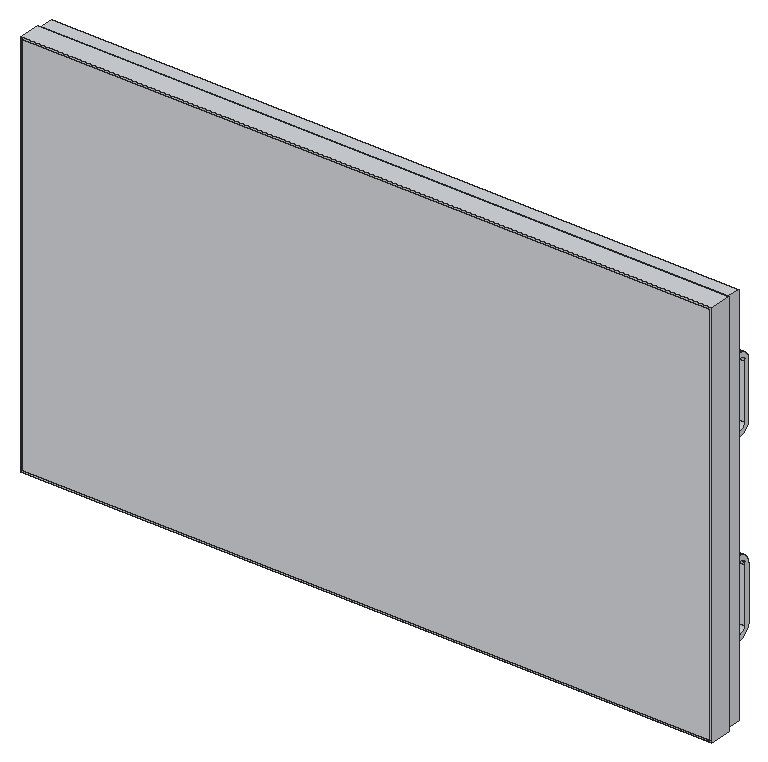
Revit family "UN552", category Generic Models, Revit 2014
Parameters
  URL = "www.necdisplay.com"
  POWER CONSUMPTION- Speaker Rating = "Integrated 10W x 10W, Optional 15W x 2"
  POWER CONSUMPTION- Power Consumption (Typical/Max Brightness/ Absolute Max) = "150W/225W/380W"
  POWER CONSUMPTION- Standby = "0.5W"
  POWER CONSUMPTION- Network Standby = "2W"
  POWER CONSUMPTION- Current Rating = "4.2A @ 100V, 1.7A @ 240V"
  PHYSICAL SPECS- Vesa Hole Configuration = "400 x 400 (4-hole, M6)"
  PHYSICAL SPECS- Net Weight (w/o Stand) = "61.9 lbs. / 28.1 kg"
  PHYSICAL SPECS- Net Dimensions (w/o Stand, WxHxD) = "47.8 x 26.9 x 4.1 in. / 1213.4 x 684.2 x 103.8mm"
  PHYSICAL SPECS- Bezel Width (L/R, T/B) = "2.3mm/1.2mm, 1.2mm/2.3mm"
  Model = "UN552V"  # constant formula
  Manufacturer = "NEC Display Solutions"  # constant formula
  LCD MODULE- Contrast Ratio (Typical) = "1100:1 (without local dimming)"
  LCD MODULE- Viewing Angle = "178 / 178"
  LCD MODULE- Viewable Image Size = "55\""
  LCD MODULE- Panel Technology = "S-IPS"
  LCD MODULE- Orientation = "Landscape / Portrait"
  LCD MODULE- Panel Haze (%) = "28"
  LCD MODULE- Native Resolution = "1920 x 1080"
  LCD MODULE- Displayable Colors = "Over 1.07 Billion"
  LCD MODULE- Brightness (Typical/Minimum) = "500 cd/sqm / 700 cd/sqm"
  LCD MODULE- Aspect Ratio = "16 : 9"
  ENVIRONMENTAL CONDITIONS- Operating Temperature = "0 - 50°C / 32 - 122°F"
  ENVIRONMENTAL CONDITIONS- Operating Humidity = "0 - 90%"
  ENVIRONMENTAL CONDITIONS- Operating Altitude = "9843 ft. / 3000m"
  Description = "NEC LCD Video Wall Display"  # constant formula
  CONNECTIVITY- Output Terminals- External Control = "LAN (100Mb)"
  CONNECTIVITY- Output Terminals- Digital = "DisplayPort (Outputs DisplayPort1 and OPTION (DP)), HDMI (Outputs HDMI1, DVI and OPTION (TMDS))"
  CONNECTIVITY- Output Terminals- Audio = "3.5mm Mini-Jack, External Speaker Jack x2"
  CONNECTIVITY- Input Terminals- External Control = "RS232C, LAN (100Mb), 3.5 Mini Jack (IR Remote)"
  CONNECTIVITY- Input Terminals- Digital = "HDMI x2 (1.4/2.0), DisplayPort x2 (1.1/1.2), DVI-D"
  CONNECTIVITY- Input Terminals- Data = "microSD (Media Player), USB 2.0 (Media Player), USB 2.0 (Service), USB Type-B (Upstream), USB 2.0 x2 (Compute Module, USB CM1 is Powered 5V/2A)"
  CONNECTIVITY- Input Terminals- Audio = "Audio Mini Jack x2, DisplayPort Audio, HDMI Audio"
  CONNECTIVITY- Input Terminals- Analog = "VGA 15-pin D-sub, RCA Composite"
Reference planes
  plane 1 "Center (Front/Back)": y = 0
  plane 2: z = 0
  plane 3 "Center (Left/Right)": x = 0
Forms (mm)
  Extrusion 1, solid
    sketch origin (0, 0, 0) x (1, 0, 0) y (0, 0, 1)
      loop
        line (-606.7, 684.2) -> (-606.7, 0) -> (606.7, 0) -> (606.7, 684.2) -> (-606.7, 684.2)
    from 44.35 to 82.8
  Extrusion 2, void
    sketch origin (0, 0, 0) x (1, 0, 0) y (0, 0, 1)
      loop
        line (-603.854, 2.15) -> (603.854, 2.15) -> (603.854, 681.025) -> (-603.854, 681.025) -> (-603.854, 2.15)
    from 82.211 to 113.336
  Blend 3, solid
    base sketch origin (4.79, 1.84, 738.456) x (0, 0, 1) y (1, 0, 0)
      loop
        arc (-86.019, 370.534) -> (-99.662, 403.471) -> (-132.599, 417.114) r 46.58
        line (-132.599, 417.114) -> (-646.931, 417.114)
        arc (-646.931, 417.114) -> (-664.892, 409.675) -> (-672.331, 391.714) r 25.4
        line (-672.331, 391.714) -> (-672.331, -385.683) -> (-665.469, -389.645)
        arc (-665.469, -389.645) -> (-663.355, -391.759) -> (-662.581, -394.647) r 5.776
        line (-662.581, -394.647) -> (-662.581, -437.345)
        arc (-662.581, -437.345) -> (-658.122, -457.458) -> (-645.581, -473.803) r 47.592
        line (-645.581, -473.803) -> (-621.213, -494.25)
        arc (-621.213, -494.25) -> (-608.369, -501.983) -> (-593.771, -505.394) r 48.185
        line (-593.771, -505.394) -> (-198.004, -505.394)
        arc (-198.004, -505.394) -> (-178.489, -501.953) -> (-161.328, -492.045) r 57.057
        line (-161.328, -492.045) -> (-104.475, -444.339)
        arc (-104.475, -444.339) -> (-90.86, -426.596) -> (-86.019, -404.761) r 51.666
        line (-86.019, -404.761) -> (-86.019, 370.534)
    top sketch origin (4.79, 1.84, 738.456) x (0, 0, 1) y (1, 0, 0)
      loop
        arc (-601.729, 382.3) -> (-610.709, 378.58) -> (-614.429, 369.6) r 12.7
        line (-614.429, 369.6) -> (-614.429, -407.787)
        arc (-614.429, -407.787) -> (-613.291, -411.497) -> (-610.269, -413.931) r 6.618
        line (-610.269, -413.931) -> (-587.937, -422.866)
        arc (-587.937, -422.866) -> (-579.575, -425.319) -> (-570.9, -426.147) r 45.867
        line (-570.9, -426.147) -> (-241.902, -426.147)
        arc (-241.902, -426.147) -> (-228.955, -423.994) -> (-217.403, -417.767) r 40
        line (-217.403, -417.767) -> (-177.037, -386.491)
        arc (-177.037, -386.491) -> (-165.96, -372.897) -> (-161.998, -355.815) r 38.806
        line (-161.998, -355.815) -> (-161.998, 375.421)
        arc (-161.998, 375.421) -> (-164.013, 380.285) -> (-168.878, 382.3) r 6.879
        line (-168.878, 382.3) -> (-601.729, 382.3)
    from -20.342 to 19.2
  Blend 4, solid
    base sketch origin (0, -30.85, 616.982) x (0, 0, 1) y (1, 0, 0)
      loop
        line (-506.303, 247.422) -> (-506.303, 481.178)
        arc (-506.303, 481.178) -> (-510.023, 490.159) -> (-519.003, 493.878) r 12.7
        line (-519.003, 493.878) -> (-566.56, 493.878)
        arc (-566.56, 493.878) -> (-575.54, 490.159) -> (-579.26, 481.178) r 12.7
        line (-579.26, 481.178) -> (-579.26, 247.422)
        arc (-579.26, 247.422) -> (-575.54, 238.441) -> (-566.56, 234.722) r 12.7
        line (-566.56, 234.722) -> (-519.003, 234.722)
        arc (-519.003, 234.722) -> (-510.023, 238.441) -> (-506.303, 247.422) r 12.7
    top sketch origin (0, -30.85, 616.982) x (0, 0, 1) y (1, 0, 0)
      loop
        arc (-515.696, 480.9) -> (-516.749, 483.439) -> (-519.291, 484.486) r 3.586
        line (-519.291, 484.486) -> (-566.291, 484.486)
        arc (-566.291, 484.486) -> (-568.82, 483.432) -> (-569.868, 480.9) r 3.586
        line (-569.868, 480.9) -> (-569.868, 247.7)
        arc (-569.868, 247.7) -> (-568.82, 245.167) -> (-566.289, 244.114) r 3.586
        line (-566.289, 244.114) -> (-519.289, 244.114)
        arc (-519.289, 244.114) -> (-516.749, 245.162) -> (-515.696, 247.7) r 3.586
        line (-515.696, 247.7) -> (-515.696, 480.9)
    from -21.65 to -17.538
  Extrusion 5, void
    sketch origin (0, -48.388, 616.982) x (0, 0, -1) y (1, 0, 0)
      loop
        line (581.882, 68.55) -> (567.482, 68.55)
        arc (567.482, 68.55) -> (564.653, 67.378) -> (563.482, 64.55) r 4
        line (563.482, 64.55) -> (563.482, -21.45)
        arc (563.482, -21.45) -> (564.653, -24.278) -> (567.482, -25.45) r 4
        line (567.482, -25.45) -> (581.882, -25.45)
        arc (581.882, -25.45) -> (584.71, -24.278) -> (585.882, -21.45) r 4
        line (585.882, -21.45) -> (585.882, 64.55)
        arc (585.882, 64.55) -> (584.71, 67.378) -> (581.882, 68.55) r 4
    from 8.405 to -9.36
  Extrusion 6, void
    sketch origin (4.79, 21.04, 738.456) x (0, 0, -1) y (1, 0, 0)
      loop
        line (324.906, 109.514) -> (268.907, 109.514) -> (268.907, 92.256)
        arc (268.907, 92.256) -> (270.277, 85.88) -> (274.145, 80.629) r 15.525
        line (274.145, 80.629) -> (310.489, 48.476) -> (268.907, 48.474) -> (268.907, 37.835) -> (324.906, 37.837) -> (324.906, 55.836)
        arc (324.906, 55.836) -> (323.427, 62.721) -> (319.251, 68.391) r 16.764
        line (319.251, 68.391) -> (284.797, 98.876) -> (324.906, 98.876) -> (324.906, 109.514)
      loop
        line (268.902, 28.54) -> (268.908, -37.653) -> (276.862, -37.653) -> (276.862, 5.244) -> (291.196, 5.244) -> (291.196, -33.734) -> (299.062, -33.734) -> (299.062, 5.244) -> (310.269, 5.244)
        arc (310.269, 5.244) -> (314.759, 3.384) -> (316.619, -1.106) r 6.35
        line (316.619, -1.106) -> (316.619, -38.213) -> (324.905, -38.213)
        arc (324.905, -38.213) -> (325.377, -16.539) -> (324.905, 5.134) r 498.189
        arc (324.905, 5.134) -> (324.337, 12.014) -> (323.235, 18.829) r 88.693
        arc (323.235, 18.829) -> (319.034, 25.803) -> (311.366, 28.54) r 12.108
        line (311.366, 28.54) -> (268.902, 28.54)
      loop
        line (268.271, -113.479) -> (276.372, -113.479)
        arc (276.372, -113.479) -> (274.174, -95.699) -> (276.372, -77.919) r 73.028
        arc (276.372, -77.919) -> (278.849, -73.068) -> (283.196, -69.786) r 12.149
        arc (283.196, -69.786) -> (297.392, -67.247) -> (311.127, -71.644) r 29.914
        arc (311.127, -71.644) -> (314.368, -74.801) -> (316.226, -78.926) r 12.13
        arc (316.226, -78.926) -> (318.331, -96.706) -> (316.226, -114.486) r 76.142
        line (316.226, -114.486) -> (325.261, -114.486)
        arc (325.261, -114.486) -> (327.107, -92.261) -> (325.261, -70.036) r 134.752
        arc (325.261, -70.036) -> (323.47, -62.762) -> (320.601, -55.841) r 49.502
        arc (320.601, -55.841) -> (298.943, -41.303) -> (275.241, -52.197) r 26.67
        arc (275.241, -52.197) -> (270.757, -60.2) -> (268.271, -69.029) r 38.898
        arc (268.271, -69.029) -> (266.531, -91.254) -> (268.271, -113.479) r 142.843
      loop
        line (477.484, 43.682) -> (477.484, -86.161)
        arc (477.484, -86.161) -> (480.999, -94.647) -> (489.484, -98.161) r 12
        line (489.484, -98.161) -> (544.327, -98.161)
        arc (544.327, -98.161) -> (552.813, -94.647) -> (556.327, -86.161) r 12
        line (556.327, -86.161) -> (556.327, 43.682)
        arc (556.327, 43.682) -> (552.813, 52.167) -> (544.327, 55.682) r 12
        line (544.327, 55.682) -> (489.484, 55.682)
        arc (489.484, 55.682) -> (480.999, 52.167) -> (477.484, 43.682) r 12
      loop
        arc (306.292, 181.946) -> (309.806, 173.461) -> (318.292, 169.946) r 12
        line (318.292, 169.946) -> (451.42, 169.946)
        arc (451.42, 169.946) -> (459.905, 173.461) -> (463.42, 181.946) r 12
        line (463.42, 181.946) -> (463.42, 318.574)
        arc (463.42, 318.574) -> (459.905, 327.06) -> (451.42, 330.574) r 12
        line (451.42, 330.574) -> (318.292, 330.574)
        arc (318.292, 330.574) -> (309.806, 327.06) -> (306.292, 318.574) r 12
        line (306.292, 318.574) -> (306.292, 181.946)
      loop
        arc (308.23, 181.884) -> (311.159, 174.813) -> (318.23, 171.884) r 10
        line (318.23, 171.884) -> (451.482, 171.884)
        arc (451.482, 171.884) -> (458.553, 174.813) -> (461.482, 181.884) r 10
        line (461.482, 181.884) -> (461.482, 318.636)
        arc (461.482, 318.636) -> (458.553, 325.707) -> (451.482, 328.636) r 10
        line (451.482, 328.636) -> (318.23, 328.636)
        arc (318.23, 328.636) -> (311.159, 325.707) -> (308.23, 318.636) r 10
        line (308.23, 318.636) -> (308.23, 181.884)
      loop
        arc (479.674, -85.972) -> (482.603, -93.043) -> (489.674, -95.972) r 10
        line (489.674, -95.972) -> (544.138, -95.972)
        arc (544.138, -95.972) -> (551.209, -93.043) -> (554.138, -85.972) r 10
        line (554.138, -85.972) -> (554.138, 43.492)
        arc (554.138, 43.492) -> (551.209, 50.563) -> (544.138, 53.492) r 10
        line (544.138, 53.492) -> (489.674, 53.492)
        arc (489.674, 53.492) -> (482.603, 50.563) -> (479.674, 43.492) r 10
        line (479.674, 43.492) -> (479.674, -85.972)
    from 0.816 to -6.572
  Extrusion 7, solid
    sketch origin (-481.512, 3.148, 9.146) x (0, 0, 1) y (1, 0, 0)
      loop
        spline (577.383, 1064.639) -> (577.254, 1065.064) -> (577.079, 1065.472) -> (576.86, 1065.858) -> (576.6, 1066.217) -> (576.301, 1066.546) -> (575.968, 1066.839) -> (575.605, 1067.093) -> (575.215, 1067.306) -> (574.804, 1067.474) -> (574.377, 1067.596) -> (573.94, 1067.67) -> (573.496, 1067.694)
        line (573.496, 1067.694) -> (411.495, 1067.694)
        spline (411.495, 1067.694) -> (410.973, 1067.66) -> (410.46, 1067.558) -> (409.964, 1067.39) -> (409.495, 1067.158) -> (409.06, 1066.868) -> (408.667, 1066.523) -> (408.322, 1066.129) -> (408.031, 1065.694) -> (407.8, 1065.225) -> (407.632, 1064.729) -> (407.53, 1064.216) -> (407.496, 1063.694)
        line (407.496, 1063.694) -> (407.609, 1048.749)
        spline (407.609, 1048.749) -> (407.722, 1048.368) -> (407.872, 1048) -> (408.058, 1047.649) -> (408.278, 1047.318) -> (408.529, 1047.01) -> (408.811, 1046.729) -> (409.118, 1046.477) -> (409.449, 1046.257) -> (409.8, 1046.071) -> (410.169, 1045.921) -> (410.55, 1045.807) -> (410.94, 1045.733)
        line (410.94, 1045.733) -> (572.941, 1045.733)
        spline (572.941, 1045.733) -> (573.51, 1045.694) -> (574.078, 1045.737) -> (574.634, 1045.859) -> (575.167, 1046.06) -> (575.666, 1046.334) -> (576.121, 1046.676) -> (576.523, 1047.08) -> (576.864, 1047.536) -> (577.136, 1048.036) -> (577.335, 1048.57) -> (577.455, 1049.127) -> (577.496, 1049.695)
        line (577.496, 1049.695) -> (577.383, 1064.639)
    from -21.65 to 25.186
  Extrusion 8, void
    sketch origin (586.183, 3.148, 564.772) x (0, 0, -1) y (0, -1, 0)
      loop
        line (110.721, -20.262) -> (15.247, -20.262)
        arc (15.247, -20.262) -> (4.627, -16.759) -> (-1.826, -7.626) r 17.851
        line (-1.826, -7.626) -> (-9.856, 18.638) -> (-21.573, 18.638) -> (-25.197, 18.638) -> (-25.197, -28.535) -> (148.943, -28.535) -> (148.943, 18.638) -> (136.711, 18.638) -> (128.938, -6.782)
        arc (128.938, -6.782) -> (122.052, -16.526) -> (110.721, -20.262) r 19.05
      loop
        line (15.282, -12.262) -> (111.562, -12.262)
        arc (111.562, -12.262) -> (118.431, -9.504) -> (121.485, -2.763) r 9.932
        line (121.485, -2.763) -> (122.551, 21.65) -> (4.303, 21.65) -> (5.369, -2.77)
        arc (5.369, -2.77) -> (8.42, -9.506) -> (15.282, -12.262) r 9.922
    from 0 to 24.226
  Extrusion 9, solid
    sketch origin (-481.512, 3.148, 673.954) x (0, 0, -1) y (-1, 0, 0)
      loop
        line (577.383, -1064.639) -> (577.496, -1049.695)
        spline (577.496, -1049.695) -> (577.455, -1049.127) -> (577.335, -1048.57) -> (577.136, -1048.036) -> (576.864, -1047.536) -> (576.523, -1047.08) -> (576.121, -1046.676) -> (575.666, -1046.334) -> (575.167, -1046.06) -> (574.634, -1045.859) -> (574.078, -1045.737) -> (573.51, -1045.694) -> (572.941, -1045.733)
        line (572.941, -1045.733) -> (410.94, -1045.733)
        spline (410.94, -1045.733) -> (410.55, -1045.807) -> (410.169, -1045.921) -> (409.8, -1046.071) -> (409.449, -1046.257) -> (409.118, -1046.477) -> (408.811, -1046.729) -> (408.529, -1047.01) -> (408.278, -1047.318) -> (408.058, -1047.649) -> (407.872, -1048) -> (407.722, -1048.368) -> (407.609, -1048.749)
        line (407.609, -1048.749) -> (407.496, -1063.694)
        spline (407.496, -1063.694) -> (407.53, -1064.216) -> (407.632, -1064.729) -> (407.8, -1065.225) -> (408.031, -1065.694) -> (408.322, -1066.129) -> (408.667, -1066.523) -> (409.06, -1066.868) -> (409.495, -1067.158) -> (409.964, -1067.39) -> (410.46, -1067.558) -> (410.973, -1067.66) -> (411.495, -1067.694)
        line (411.495, -1067.694) -> (573.496, -1067.694)
        spline (573.496, -1067.694) -> (573.94, -1067.67) -> (574.377, -1067.596) -> (574.804, -1067.474) -> (575.215, -1067.306) -> (575.605, -1067.093) -> (575.968, -1066.839) -> (576.301, -1066.546) -> (576.6, -1066.217) -> (576.86, -1065.858) -> (577.079, -1065.472) -> (577.254, -1065.064) -> (577.383, -1064.639)
    from -21.65 to 25.186
  Extrusion 10, void
    sketch origin (586.183, 3.148, 118.328) x (0, 0, 1) y (0, 1, 0)
      loop
        arc (110.721, 20.262) -> (122.052, 16.526) -> (128.938, 6.782) r 19.05
        line (128.938, 6.782) -> (136.711, -18.638) -> (148.943, -18.638) -> (148.943, 28.535) -> (-25.197, 28.535) -> (-25.197, -18.638) -> (-21.573, -18.638) -> (-9.856, -18.638) -> (-1.826, 7.626)
        arc (-1.826, 7.626) -> (4.627, 16.759) -> (15.247, 20.262) r 17.851
        line (15.247, 20.262) -> (110.721, 20.262)
      loop
        arc (15.282, 12.262) -> (8.42, 9.506) -> (5.369, 2.77) r 9.922
        line (5.369, 2.77) -> (4.303, -21.65) -> (122.551, -21.65) -> (121.485, 2.763)
        arc (121.485, 2.763) -> (118.431, 9.504) -> (111.562, 12.262) r 9.932
        line (111.562, 12.262) -> (15.282, 12.262)
    from 0 to 24.226
  Extrusion 11, solid
    sketch origin (-481.512, 3.148, 673.954) x (0, 0, -1) y (-1, 0, 0)
      loop
        line (577.383, -1064.639) -> (577.496, -1049.695)
        spline (577.496, -1049.695) -> (577.455, -1049.127) -> (577.335, -1048.57) -> (577.136, -1048.036) -> (576.864, -1047.536) -> (576.523, -1047.08) -> (576.121, -1046.676) -> (575.666, -1046.334) -> (575.167, -1046.06) -> (574.634, -1045.859) -> (574.078, -1045.737) -> (573.51, -1045.694) -> (572.941, -1045.733)
        line (572.941, -1045.733) -> (410.94, -1045.733)
        spline (410.94, -1045.733) -> (410.55, -1045.807) -> (410.169, -1045.921) -> (409.8, -1046.071) -> (409.449, -1046.257) -> (409.118, -1046.477) -> (408.811, -1046.729) -> (408.529, -1047.01) -> (408.278, -1047.318) -> (408.058, -1047.649) -> (407.872, -1048) -> (407.722, -1048.368) -> (407.609, -1048.749)
        line (407.609, -1048.749) -> (407.496, -1063.694)
        spline (407.496, -1063.694) -> (407.53, -1064.216) -> (407.632, -1064.729) -> (407.8, -1065.225) -> (408.031, -1065.694) -> (408.322, -1066.129) -> (408.667, -1066.523) -> (409.06, -1066.868) -> (409.495, -1067.158) -> (409.964, -1067.39) -> (410.46, -1067.558) -> (410.973, -1067.66) -> (411.495, -1067.694)
        line (411.495, -1067.694) -> (573.496, -1067.694)
        spline (573.496, -1067.694) -> (573.94, -1067.67) -> (574.377, -1067.596) -> (574.804, -1067.474) -> (575.215, -1067.306) -> (575.605, -1067.093) -> (575.968, -1066.839) -> (576.301, -1066.546) -> (576.6, -1066.217) -> (576.86, -1065.858) -> (577.079, -1065.472) -> (577.254, -1065.064) -> (577.383, -1064.639)
    from -21.65 to 25.186
  Extrusion 12, void
    sketch origin (586.183, 3.148, 118.328) x (0, 0, 1) y (0, 1, 0)
      loop
        arc (110.721, 20.262) -> (122.052, 16.526) -> (128.938, 6.782) r 19.05
        line (128.938, 6.782) -> (136.711, -18.638) -> (148.943, -18.638) -> (148.943, 28.535) -> (-25.197, 28.535) -> (-25.197, -18.638) -> (-21.573, -18.638) -> (-9.856, -18.638) -> (-1.826, 7.626)
        arc (-1.826, 7.626) -> (4.627, 16.759) -> (15.247, 20.262) r 17.851
        line (15.247, 20.262) -> (110.721, 20.262)
      loop
        arc (15.282, 12.262) -> (8.42, 9.506) -> (5.369, 2.77) r 9.922
        line (5.369, 2.77) -> (4.303, -21.65) -> (122.551, -21.65) -> (121.485, 2.763)
        arc (121.485, 2.763) -> (118.431, 9.504) -> (111.562, 12.262) r 9.932
        line (111.562, 12.262) -> (15.282, 12.262)
    from 0 to 24.226
  Extrusion 13, solid
    sketch origin (-481.512, 3.148, 9.146) x (0, 0, 1) y (1, 0, 0)
      loop
        spline (577.383, 1064.639) -> (577.254, 1065.064) -> (577.079, 1065.472) -> (576.86, 1065.858) -> (576.6, 1066.217) -> (576.301, 1066.546) -> (575.968, 1066.839) -> (575.605, 1067.093) -> (575.215, 1067.306) -> (574.804, 1067.474) -> (574.377, 1067.596) -> (573.94, 1067.67) -> (573.496, 1067.694)
        line (573.496, 1067.694) -> (411.495, 1067.694)
        spline (411.495, 1067.694) -> (410.973, 1067.66) -> (410.46, 1067.558) -> (409.964, 1067.39) -> (409.495, 1067.158) -> (409.06, 1066.868) -> (408.667, 1066.523) -> (408.322, 1066.129) -> (408.031, 1065.694) -> (407.8, 1065.225) -> (407.632, 1064.729) -> (407.53, 1064.216) -> (407.496, 1063.694)
        line (407.496, 1063.694) -> (407.609, 1048.749)
        spline (407.609, 1048.749) -> (407.722, 1048.368) -> (407.872, 1048) -> (408.058, 1047.649) -> (408.278, 1047.318) -> (408.529, 1047.01) -> (408.811, 1046.729) -> (409.118, 1046.477) -> (409.449, 1046.257) -> (409.8, 1046.071) -> (410.169, 1045.921) -> (410.55, 1045.807) -> (410.94, 1045.733)
        line (410.94, 1045.733) -> (572.941, 1045.733)
        spline (572.941, 1045.733) -> (573.51, 1045.694) -> (574.078, 1045.737) -> (574.634, 1045.859) -> (575.167, 1046.06) -> (575.666, 1046.334) -> (576.121, 1046.676) -> (576.523, 1047.08) -> (576.864, 1047.536) -> (577.136, 1048.036) -> (577.335, 1048.57) -> (577.455, 1049.127) -> (577.496, 1049.695)
        line (577.496, 1049.695) -> (577.383, 1064.639)
    from -21.65 to 25.186
  Extrusion 14, void
    sketch origin (586.183, 3.148, 564.772) x (0, 0, -1) y (0, -1, 0)
      loop
        line (110.721, -20.262) -> (15.247, -20.262)
        arc (15.247, -20.262) -> (4.627, -16.759) -> (-1.826, -7.626) r 17.851
        line (-1.826, -7.626) -> (-9.856, 18.638) -> (-21.573, 18.638) -> (-25.197, 18.638) -> (-25.197, -28.535) -> (148.943, -28.535) -> (148.943, 18.638) -> (136.711, 18.638) -> (128.938, -6.782)
        arc (128.938, -6.782) -> (122.052, -16.526) -> (110.721, -20.262) r 19.05
      loop
        line (15.282, -12.262) -> (111.562, -12.262)
        arc (111.562, -12.262) -> (118.431, -9.504) -> (121.485, -2.763) r 9.932
        line (121.485, -2.763) -> (122.551, 21.65) -> (4.303, 21.65) -> (5.369, -2.77)
        arc (5.369, -2.77) -> (8.42, -9.506) -> (15.282, -12.262) r 9.922
    from 0 to 24.226
  Extrusion 15, solid
    sketch origin (481.512, 3.148, 9.146) x (0, 0, 1) y (1, 0, 0)
      loop
        line (577.383, -1064.639) -> (577.496, -1049.695)
        spline (577.496, -1049.695) -> (577.455, -1049.127) -> (577.335, -1048.57) -> (577.136, -1048.036) -> (576.864, -1047.536) -> (576.523, -1047.08) -> (576.121, -1046.676) -> (575.666, -1046.334) -> (575.167, -1046.06) -> (574.634, -1045.859) -> (574.078, -1045.737) -> (573.51, -1045.694) -> (572.941, -1045.733)
        line (572.941, -1045.733) -> (410.94, -1045.733)
        spline (410.94, -1045.733) -> (410.55, -1045.807) -> (410.169, -1045.921) -> (409.8, -1046.071) -> (409.449, -1046.257) -> (409.118, -1046.477) -> (408.811, -1046.729) -> (408.529, -1047.01) -> (408.278, -1047.318) -> (408.058, -1047.649) -> (407.872, -1048) -> (407.722, -1048.368) -> (407.609, -1048.749)
        line (407.609, -1048.749) -> (407.496, -1063.694)
        spline (407.496, -1063.694) -> (407.53, -1064.216) -> (407.632, -1064.729) -> (407.8, -1065.225) -> (408.031, -1065.694) -> (408.322, -1066.129) -> (408.667, -1066.523) -> (409.06, -1066.868) -> (409.495, -1067.158) -> (409.964, -1067.39) -> (410.46, -1067.558) -> (410.973, -1067.66) -> (411.495, -1067.694)
        line (411.495, -1067.694) -> (573.496, -1067.694)
        spline (573.496, -1067.694) -> (573.94, -1067.67) -> (574.377, -1067.596) -> (574.804, -1067.474) -> (575.215, -1067.306) -> (575.605, -1067.093) -> (575.968, -1066.839) -> (576.301, -1066.546) -> (576.6, -1066.217) -> (576.86, -1065.858) -> (577.079, -1065.472) -> (577.254, -1065.064) -> (577.383, -1064.639)
    from -21.65 to 25.186
  Extrusion 16, void
    sketch origin (-586.183, 3.148, 564.772) x (0, 0, -1) y (0, 1, 0)
      loop
        arc (110.721, 20.262) -> (122.052, 16.526) -> (128.938, 6.782) r 19.05
        line (128.938, 6.782) -> (136.711, -18.638) -> (148.943, -18.638) -> (148.943, 28.535) -> (-25.197, 28.535) -> (-25.197, -18.638) -> (-21.573, -18.638) -> (-9.856, -18.638) -> (-1.826, 7.626)
        arc (-1.826, 7.626) -> (4.627, 16.759) -> (15.247, 20.262) r 17.851
        line (15.247, 20.262) -> (110.721, 20.262)
      loop
        arc (15.282, 12.262) -> (8.42, 9.506) -> (5.369, 2.77) r 9.922
        line (5.369, 2.77) -> (4.303, -21.65) -> (122.551, -21.65) -> (121.485, 2.763)
        arc (121.485, 2.763) -> (118.431, 9.504) -> (111.562, 12.262) r 9.932
        line (111.562, 12.262) -> (15.282, 12.262)
    from 0 to 24.226
  Extrusion 17, solid
    sketch origin (481.512, 3.148, 673.954) x (0, 0, -1) y (-1, 0, 0)
      loop
        spline (577.383, 1064.639) -> (577.254, 1065.064) -> (577.079, 1065.472) -> (576.86, 1065.858) -> (576.6, 1066.217) -> (576.301, 1066.546) -> (575.968, 1066.839) -> (575.605, 1067.093) -> (575.215, 1067.306) -> (574.804, 1067.474) -> (574.377, 1067.596) -> (573.94, 1067.67) -> (573.496, 1067.694)
        line (573.496, 1067.694) -> (411.495, 1067.694)
        spline (411.495, 1067.694) -> (410.973, 1067.66) -> (410.46, 1067.558) -> (409.964, 1067.39) -> (409.495, 1067.158) -> (409.06, 1066.868) -> (408.667, 1066.523) -> (408.322, 1066.129) -> (408.031, 1065.694) -> (407.8, 1065.225) -> (407.632, 1064.729) -> (407.53, 1064.216) -> (407.496, 1063.694)
        line (407.496, 1063.694) -> (407.609, 1048.749)
        spline (407.609, 1048.749) -> (407.722, 1048.368) -> (407.872, 1048) -> (408.058, 1047.649) -> (408.278, 1047.318) -> (408.529, 1047.01) -> (408.811, 1046.729) -> (409.118, 1046.477) -> (409.449, 1046.257) -> (409.8, 1046.071) -> (410.169, 1045.921) -> (410.55, 1045.807) -> (410.94, 1045.733)
        line (410.94, 1045.733) -> (572.941, 1045.733)
        spline (572.941, 1045.733) -> (573.51, 1045.694) -> (574.078, 1045.737) -> (574.634, 1045.859) -> (575.167, 1046.06) -> (575.666, 1046.334) -> (576.121, 1046.676) -> (576.523, 1047.08) -> (576.864, 1047.536) -> (577.136, 1048.036) -> (577.335, 1048.57) -> (577.455, 1049.127) -> (577.496, 1049.695)
        line (577.496, 1049.695) -> (577.383, 1064.639)
    from -21.65 to 25.186
  Extrusion 18, void
    sketch origin (-586.183, 3.148, 118.328) x (0, 0, 1) y (0, -1, 0)
      loop
        line (110.721, -20.262) -> (15.247, -20.262)
        arc (15.247, -20.262) -> (4.627, -16.759) -> (-1.826, -7.626) r 17.851
        line (-1.826, -7.626) -> (-9.856, 18.638) -> (-21.573, 18.638) -> (-25.197, 18.638) -> (-25.197, -28.535) -> (148.943, -28.535) -> (148.943, 18.638) -> (136.711, 18.638) -> (128.938, -6.782)
        arc (128.938, -6.782) -> (122.052, -16.526) -> (110.721, -20.262) r 19.05
      loop
        line (15.282, -12.262) -> (111.562, -12.262)
        arc (111.562, -12.262) -> (118.431, -9.504) -> (121.485, -2.763) r 9.932
        line (121.485, -2.763) -> (122.551, 21.65) -> (4.303, 21.65) -> (5.369, -2.77)
        arc (5.369, -2.77) -> (8.42, -9.506) -> (15.282, -12.262) r 9.922
    from 0 to 24.226
  Extrusion 19, solid
    sketch origin (481.512, 3.148, 673.954) x (0, 0, -1) y (-1, 0, 0)
      loop
        spline (577.383, 1064.639) -> (577.254, 1065.064) -> (577.079, 1065.472) -> (576.86, 1065.858) -> (576.6, 1066.217) -> (576.301, 1066.546) -> (575.968, 1066.839) -> (575.605, 1067.093) -> (575.215, 1067.306) -> (574.804, 1067.474) -> (574.377, 1067.596) -> (573.94, 1067.67) -> (573.496, 1067.694)
        line (573.496, 1067.694) -> (411.495, 1067.694)
        spline (411.495, 1067.694) -> (410.973, 1067.66) -> (410.46, 1067.558) -> (409.964, 1067.39) -> (409.495, 1067.158) -> (409.06, 1066.868) -> (408.667, 1066.523) -> (408.322, 1066.129) -> (408.031, 1065.694) -> (407.8, 1065.225) -> (407.632, 1064.729) -> (407.53, 1064.216) -> (407.496, 1063.694)
        line (407.496, 1063.694) -> (407.609, 1048.749)
        spline (407.609, 1048.749) -> (407.722, 1048.368) -> (407.872, 1048) -> (408.058, 1047.649) -> (408.278, 1047.318) -> (408.529, 1047.01) -> (408.811, 1046.729) -> (409.118, 1046.477) -> (409.449, 1046.257) -> (409.8, 1046.071) -> (410.169, 1045.921) -> (410.55, 1045.807) -> (410.94, 1045.733)
        line (410.94, 1045.733) -> (572.941, 1045.733)
        spline (572.941, 1045.733) -> (573.51, 1045.694) -> (574.078, 1045.737) -> (574.634, 1045.859) -> (575.167, 1046.06) -> (575.666, 1046.334) -> (576.121, 1046.676) -> (576.523, 1047.08) -> (576.864, 1047.536) -> (577.136, 1048.036) -> (577.335, 1048.57) -> (577.455, 1049.127) -> (577.496, 1049.695)
        line (577.496, 1049.695) -> (577.383, 1064.639)
    from -21.65 to 25.186
  Extrusion 20, solid
    sketch origin (481.512, 3.148, 9.146) x (0, 0, 1) y (1, 0, 0)
      loop
        line (577.383, -1064.639) -> (577.496, -1049.695)
        spline (577.496, -1049.695) -> (577.455, -1049.127) -> (577.335, -1048.57) -> (577.136, -1048.036) -> (576.864, -1047.536) -> (576.523, -1047.08) -> (576.121, -1046.676) -> (575.666, -1046.334) -> (575.167, -1046.06) -> (574.634, -1045.859) -> (574.078, -1045.737) -> (573.51, -1045.694) -> (572.941, -1045.733)
        line (572.941, -1045.733) -> (410.94, -1045.733)
        spline (410.94, -1045.733) -> (410.55, -1045.807) -> (410.169, -1045.921) -> (409.8, -1046.071) -> (409.449, -1046.257) -> (409.118, -1046.477) -> (408.811, -1046.729) -> (408.529, -1047.01) -> (408.278, -1047.318) -> (408.058, -1047.649) -> (407.872, -1048) -> (407.722, -1048.368) -> (407.609, -1048.749)
        line (407.609, -1048.749) -> (407.496, -1063.694)
        spline (407.496, -1063.694) -> (407.53, -1064.216) -> (407.632, -1064.729) -> (407.8, -1065.225) -> (408.031, -1065.694) -> (408.322, -1066.129) -> (408.667, -1066.523) -> (409.06, -1066.868) -> (409.495, -1067.158) -> (409.964, -1067.39) -> (410.46, -1067.558) -> (410.973, -1067.66) -> (411.495, -1067.694)
        line (411.495, -1067.694) -> (573.496, -1067.694)
        spline (573.496, -1067.694) -> (573.94, -1067.67) -> (574.377, -1067.596) -> (574.804, -1067.474) -> (575.215, -1067.306) -> (575.605, -1067.093) -> (575.968, -1066.839) -> (576.301, -1066.546) -> (576.6, -1066.217) -> (576.86, -1065.858) -> (577.079, -1065.472) -> (577.254, -1065.064) -> (577.383, -1064.639)
    from -21.65 to 25.186
  Extrusion 21, void
    sketch origin (0, -30.85, 616.982) x (0, 0, 1) y (1, 0, 0)
      loop
        line (-176.982, 387.09) -> (-176.982, 458.478) -> (-464.082, 458.478) -> (-464.082, 387.09) -> (-176.982, 387.09)
      loop
        line (-472.332, 85.55) -> (-552.132, 85.55) -> (-552.132, -118.45) -> (-472.332, -118.45) -> (-472.332, 85.55)
      loop
        line (-487.582, 373.6) -> (-544.485, 373.6) -> (-544.485, 134.4) -> (-487.582, 134.4) -> (-487.582, 373.6)
      loop
        line (-461.082, -213.3) -> (-546.642, -213.3) -> (-546.642, -367.3) -> (-461.052, -367.3) -> (-461.082, -213.3)
    from -21.65 to 65.85
  Extrusion 22, solid
    sketch origin (0, 0, 0) x (0, 1, 0) y (0, 0, 1)
      loop
        line (-18.76, 683.3) -> (-43.21, 683.3) -> (-43.21, 4.9) -> (-18.76, 4.9) -> (-18.76, 683.3)
    from -602.1 to 603.854
  Blend 23, solid
    base sketch origin (0, -30.85, 616.982) x (0, 0, 1) y (1, 0, 0)
      loop
        line (52.702, 551.116) -> (52.702, 587.184)
        arc (52.702, 587.184) -> (51.091, 591.073) -> (47.202, 592.684) r 5.5
        line (47.202, 592.684) -> (11.135, 592.684)
        arc (11.135, 592.684) -> (7.246, 591.073) -> (5.635, 587.184) r 5.5
        line (5.635, 587.184) -> (5.635, 551.116)
        arc (5.635, 551.116) -> (7.246, 547.227) -> (11.135, 545.616) r 5.5
        line (11.135, 545.616) -> (47.202, 545.616)
        arc (47.202, 545.616) -> (51.091, 547.227) -> (52.702, 551.116) r 5.5
    top sketch origin (0, -30.85, 616.982) x (0, 0, 1) y (1, 0, 0)
      loop
        line (55.359, 551.459) -> (55.359, 586.841)
        arc (55.359, 586.841) -> (52.87, 592.851) -> (46.859, 595.341) r 8.5
        line (46.859, 595.341) -> (11.477, 595.341)
        arc (11.477, 595.341) -> (5.467, 592.851) -> (2.977, 586.841) r 8.5
        line (2.977, 586.841) -> (2.977, 551.459)
        arc (2.977, 551.459) -> (5.467, 545.449) -> (11.477, 542.959) r 8.5
        line (11.477, 542.959) -> (46.859, 542.959)
        arc (46.859, 542.959) -> (52.87, 545.449) -> (55.359, 551.459) r 8.5
    from 14.042 to 12.348
  Blend 24, solid
    base sketch origin (0, -30.85, 66.118) x (0, 0, -1) y (-1, 0, 0)
      loop
        arc (52.702, -551.116) -> (51.091, -547.227) -> (47.202, -545.616) r 5.5
        line (47.202, -545.616) -> (11.135, -545.616)
        arc (11.135, -545.616) -> (7.246, -547.227) -> (5.635, -551.116) r 5.5
        line (5.635, -551.116) -> (5.635, -587.184)
        arc (5.635, -587.184) -> (7.246, -591.073) -> (11.135, -592.684) r 5.5
        line (11.135, -592.684) -> (47.202, -592.684)
        arc (47.202, -592.684) -> (51.091, -591.073) -> (52.702, -587.184) r 5.5
        line (52.702, -587.184) -> (52.702, -551.116)
    top sketch origin (0, -30.85, 66.118) x (0, 0, -1) y (-1, 0, 0)
      loop
        arc (55.359, -551.459) -> (52.87, -545.449) -> (46.859, -542.959) r 8.5
        line (46.859, -542.959) -> (11.477, -542.959)
        arc (11.477, -542.959) -> (5.467, -545.449) -> (2.977, -551.459) r 8.5
        line (2.977, -551.459) -> (2.977, -586.841)
        arc (2.977, -586.841) -> (5.467, -592.851) -> (11.477, -595.341) r 8.5
        line (11.477, -595.341) -> (46.859, -595.341)
        arc (46.859, -595.341) -> (52.87, -592.851) -> (55.359, -586.841) r 8.5
        line (55.359, -586.841) -> (55.359, -551.459)
    from 14.042 to 12.348
  Blend 25, solid
    base sketch origin (0, -30.85, 616.982) x (0, 0, 1) y (1, 0, 0)
      loop
        arc (52.702, -551.116) -> (51.091, -547.227) -> (47.202, -545.616) r 5.5
        line (47.202, -545.616) -> (11.135, -545.616)
        arc (11.135, -545.616) -> (7.246, -547.227) -> (5.635, -551.116) r 5.5
        line (5.635, -551.116) -> (5.635, -587.184)
        arc (5.635, -587.184) -> (7.246, -591.073) -> (11.135, -592.684) r 5.5
        line (11.135, -592.684) -> (47.202, -592.684)
        arc (47.202, -592.684) -> (51.091, -591.073) -> (52.702, -587.184) r 5.5
        line (52.702, -587.184) -> (52.702, -551.116)
    top sketch origin (0, -30.85, 616.982) x (0, 0, 1) y (1, 0, 0)
      loop
        arc (55.359, -551.459) -> (52.87, -545.449) -> (46.859, -542.959) r 8.5
        line (46.859, -542.959) -> (11.477, -542.959)
        arc (11.477, -542.959) -> (5.467, -545.449) -> (2.977, -551.459) r 8.5
        line (2.977, -551.459) -> (2.977, -586.841)
        arc (2.977, -586.841) -> (5.467, -592.851) -> (11.477, -595.341) r 8.5
        line (11.477, -595.341) -> (46.859, -595.341)
        arc (46.859, -595.341) -> (52.87, -592.851) -> (55.359, -586.841) r 8.5
        line (55.359, -586.841) -> (55.359, -551.459)
    from 14.042 to 12.348
  Blend 26, solid
    base sketch origin (0, -30.85, 66.118) x (0, 0, -1) y (-1, 0, 0)
      loop
        line (52.702, 551.116) -> (52.702, 587.184)
        arc (52.702, 587.184) -> (51.091, 591.073) -> (47.202, 592.684) r 5.5
        line (47.202, 592.684) -> (11.135, 592.684)
        arc (11.135, 592.684) -> (7.246, 591.073) -> (5.635, 587.184) r 5.5
        line (5.635, 587.184) -> (5.635, 551.116)
        arc (5.635, 551.116) -> (7.246, 547.227) -> (11.135, 545.616) r 5.5
        line (11.135, 545.616) -> (47.202, 545.616)
        arc (47.202, 545.616) -> (51.091, 547.227) -> (52.702, 551.116) r 5.5
    top sketch origin (0, -30.85, 66.118) x (0, 0, -1) y (-1, 0, 0)
      loop
        line (55.359, 551.459) -> (55.359, 586.841)
        arc (55.359, 586.841) -> (52.87, 592.851) -> (46.859, 595.341) r 8.5
        line (46.859, 595.341) -> (11.477, 595.341)
        arc (11.477, 595.341) -> (5.467, 592.851) -> (2.977, 586.841) r 8.5
        line (2.977, 586.841) -> (2.977, 551.459)
        arc (2.977, 551.459) -> (5.467, 545.449) -> (11.477, 542.959) r 8.5
        line (11.477, 542.959) -> (46.859, 542.959)
        arc (46.859, 542.959) -> (52.87, 545.449) -> (55.359, 551.459) r 8.5
    from 14.042 to 12.348
  Extrusion 27, solid
    sketch origin (4.79, -18.502, 738.456) x (0, 0, -1) y (1, 0, 0)
      loop
        line (637.406, -370.59) -> (637.406, -287.69) -> (583.406, -287.69) -> (583.406, -370.59) -> (637.406, -370.59)
    from 0 to -24.696
  Extrusion 28, solid
    sketch origin (0, 0, 0) x (-1, 0, 0) y (0, 0, -1)
      loop
        line (-606.7, -684.2) -> (606.7, -684.2) -> (606.7, 0) -> (-606.7, 0) -> (-606.7, -684.2)
    from 44.35 to 82.8
  Extrusion 29, void
    sketch origin (0, -30.85, 616.982) x (0, 0, 1) y (1, 0, 0)
      loop
        circle (46.668, 240.55) r 4.404
      loop
        line (48.918, 241.3) -> (47.418, 241.3) -> (47.418, 242.8) -> (45.918, 242.8) -> (45.918, 241.3) -> (44.418, 241.3) -> (44.418, 239.8) -> (45.918, 239.8) -> (45.918, 238.3) -> (47.418, 238.3) -> (47.418, 239.8) -> (48.918, 239.8) -> (48.918, 241.3)
      loop
        circle (46.668, 95.55) r 4.404
      loop
        line (48.918, 96.3) -> (47.418, 96.3) -> (47.418, 97.8) -> (45.918, 97.8) -> (45.918, 96.3) -> (44.418, 96.3) -> (44.418, 94.8) -> (45.918, 94.8) -> (45.918, 93.3) -> (47.418, 93.3) -> (47.418, 94.8) -> (48.918, 94.8) -> (48.918, 96.3)
      loop
        circle (46.668, -94.45) r 4.404
      loop
        line (48.918, -93.7) -> (47.418, -93.7) -> (47.418, -92.2) -> (45.918, -92.2) -> (45.918, -93.7) -> (44.418, -93.7) -> (44.418, -95.2) -> (45.918, -95.2) -> (45.918, -96.7) -> (47.418, -96.7) -> (47.418, -95.2) -> (48.918, -95.2) -> (48.918, -93.7)
      loop
        circle (46.668, -239.45) r 4.404
      loop
        line (48.918, -238.7) -> (47.418, -238.7) -> (47.418, -237.2) -> (45.918, -237.2) -> (45.918, -238.7) -> (44.418, -238.7) -> (44.418, -240.2) -> (45.918, -240.2) -> (45.918, -241.7) -> (47.418, -241.7) -> (47.418, -240.2) -> (48.918, -240.2) -> (48.918, -238.7)
      loop
        circle (-165.432, 476.95) r 4.404
      loop
        line (-163.182, 477.7) -> (-164.682, 477.7) -> (-164.682, 479.2) -> (-166.182, 479.2) -> (-166.182, 477.7) -> (-167.682, 477.7) -> (-167.682, 476.2) -> (-166.182, 476.2) -> (-166.182, 474.7) -> (-164.682, 474.7) -> (-164.682, 476.2) -> (-163.182, 476.2) -> (-163.182, 477.7)
      loop
        circle (-234.624, 402.75) r 4.404
      loop
        line (-232.374, 403.5) -> (-233.874, 403.5) -> (-233.874, 405) -> (-235.374, 405) -> (-235.374, 403.5) -> (-236.874, 403.5) -> (-236.874, 402) -> (-235.374, 402) -> (-235.374, 400.5) -> (-233.874, 400.5) -> (-233.874, 402) -> (-232.374, 402) -> (-232.374, 403.5)
      loop
        circle (-275.432, 441.85) r 4.404
      loop
        line (-273.182, 442.6) -> (-274.682, 442.6) -> (-274.682, 444.1) -> (-276.182, 444.1) -> (-276.182, 442.6) -> (-277.682, 442.6) -> (-277.682, 441.1) -> (-276.182, 441.1) -> (-276.182, 439.6) -> (-274.682, 439.6) -> (-274.682, 441.1) -> (-273.182, 441.1) -> (-273.182, 442.6)
      loop
        circle (-379.632, 402.75) r 4.404
      loop
        line (-377.382, 403.5) -> (-378.882, 403.5) -> (-378.882, 405) -> (-380.382, 405) -> (-380.382, 403.5) -> (-381.882, 403.5) -> (-381.882, 402) -> (-380.382, 402) -> (-380.382, 400.5) -> (-378.882, 400.5) -> (-378.882, 402) -> (-377.382, 402) -> (-377.382, 403.5)
      loop
        circle (-466.432, 476.95) r 4.404
      loop
        line (-464.182, 477.7) -> (-465.682, 477.7) -> (-465.682, 479.2) -> (-467.182, 479.2) -> (-467.182, 477.7) -> (-468.682, 477.7) -> (-468.682, 476.2) -> (-467.182, 476.2) -> (-467.182, 474.7) -> (-465.682, 474.7) -> (-465.682, 476.2) -> (-464.182, 476.2) -> (-464.182, 477.7)
      loop
        circle (-556.402, 365.846) r 4.404
      loop
        line (-554.152, 366.596) -> (-555.652, 366.596) -> (-555.652, 368.096) -> (-557.152, 368.096) -> (-557.152, 366.596) -> (-558.652, 366.596) -> (-558.652, 365.096) -> (-557.152, 365.096) -> (-557.152, 363.596) -> (-555.652, 363.596) -> (-555.652, 365.096) -> (-554.152, 365.096) -> (-554.152, 366.596)
      loop
        circle (-500.632, 365.096) r 4.404
      loop
        line (-498.382, 365.846) -> (-499.882, 365.846) -> (-499.882, 367.346) -> (-501.382, 367.346) -> (-501.382, 365.846) -> (-502.882, 365.846) -> (-502.882, 364.346) -> (-501.382, 364.346) -> (-501.382, 362.846) -> (-499.882, 362.846) -> (-499.882, 364.346) -> (-498.382, 364.346) -> (-498.382, 365.846)
      loop
        circle (-603.738, 275.467) r 4.404
      loop
        line (-601.488, 276.217) -> (-602.988, 276.217) -> (-602.988, 277.717) -> (-604.488, 277.717) -> (-604.488, 276.217) -> (-605.988, 276.217) -> (-605.988, 274.717) -> (-604.488, 274.717) -> (-604.488, 273.217) -> (-602.988, 273.217) -> (-602.988, 274.717) -> (-601.488, 274.717) -> (-601.488, 276.217)
      loop
        circle (-500.632, 144.15) r 4.404
      loop
        line (-498.382, 144.9) -> (-499.882, 144.9) -> (-499.882, 146.4) -> (-501.382, 146.4) -> (-501.382, 144.9) -> (-502.882, 144.9) -> (-502.882, 143.4) -> (-501.382, 143.4) -> (-501.382, 141.9) -> (-499.882, 141.9) -> (-499.882, 143.4) -> (-498.382, 143.4) -> (-498.382, 144.9)
      loop
        circle (-556.402, 142.202) r 4.404
      loop
        line (-554.152, 142.952) -> (-555.652, 142.952) -> (-555.652, 144.452) -> (-557.152, 144.452) -> (-557.152, 142.952) -> (-558.652, 142.952) -> (-558.652, 141.452) -> (-557.152, 141.452) -> (-557.152, 139.952) -> (-555.652, 139.952) -> (-555.652, 141.452) -> (-554.152, 141.452) -> (-554.152, 142.952)
      loop
        circle (-574.232, -155.45) r 4.404
      loop
        line (-571.982, -154.7) -> (-573.482, -154.7) -> (-573.482, -153.2) -> (-574.982, -153.2) -> (-574.982, -154.7) -> (-576.482, -154.7) -> (-576.482, -156.2) -> (-574.982, -156.2) -> (-574.982, -157.7) -> (-573.482, -157.7) -> (-573.482, -156.2) -> (-571.982, -156.2) -> (-571.982, -154.7)
      loop
        circle (-552.932, -228.3) r 4.404
      loop
        line (-550.682, -227.55) -> (-552.182, -227.55) -> (-552.182, -226.05) -> (-553.682, -226.05) -> (-553.682, -227.55) -> (-555.182, -227.55) -> (-555.182, -229.05) -> (-553.682, -229.05) -> (-553.682, -230.55) -> (-552.182, -230.55) -> (-552.182, -229.05) -> (-550.682, -229.05) -> (-550.682, -227.55)
      loop
        circle (-552.932, -290.3) r 4.404
      loop
        line (-550.682, -289.55) -> (-552.182, -289.55) -> (-552.182, -288.05) -> (-553.682, -288.05) -> (-553.682, -289.55) -> (-555.182, -289.55) -> (-555.182, -291.05) -> (-553.682, -291.05) -> (-553.682, -292.55) -> (-552.182, -292.55) -> (-552.182, -291.05) -> (-550.682, -291.05) -> (-550.682, -289.55)
      loop
        circle (-552.932, -352.3) r 4.404
      loop
        line (-550.682, -351.55) -> (-552.182, -351.55) -> (-552.182, -350.05) -> (-553.682, -350.05) -> (-553.682, -351.55) -> (-555.182, -351.55) -> (-555.182, -353.05) -> (-553.682, -353.05) -> (-553.682, -354.55) -> (-552.182, -354.55) -> (-552.182, -353.05) -> (-550.682, -353.05) -> (-550.682, -351.55)
      loop
        circle (-492.232, -272.8) r 4.404
      loop
        line (-489.982, -272.05) -> (-491.482, -272.05) -> (-491.482, -270.55) -> (-492.982, -270.55) -> (-492.982, -272.05) -> (-494.482, -272.05) -> (-494.482, -273.55) -> (-492.982, -273.55) -> (-492.982, -275.05) -> (-491.482, -275.05) -> (-491.482, -273.55) -> (-489.982, -273.55) -> (-489.982, -272.05)
    from 11.891 to 23.237
  Extrusion 30, void
    sketch origin (0, -30.85, 616.982) x (0, 0, 1) y (1, 0, 0)
      loop
        arc (-563.482, 64.55) -> (-564.653, 67.378) -> (-567.482, 68.55) r 4
        line (-567.482, 68.55) -> (-581.882, 68.55)
        arc (-581.882, 68.55) -> (-584.71, 67.378) -> (-585.882, 64.55) r 4
        line (-585.882, 64.55) -> (-585.882, -21.45)
        arc (-585.882, -21.45) -> (-584.71, -24.278) -> (-581.882, -25.45) r 4
        line (-581.882, -25.45) -> (-567.482, -25.45)
        arc (-567.482, -25.45) -> (-564.653, -24.278) -> (-563.482, -21.45) r 4
        line (-563.482, -21.45) -> (-563.482, 64.55)
    from 8.64 to 12.09
  Extrusion 31, solid
    sketch origin (0, -22.21, 616.982) x (0, 0, 1) y (1, 0, 0)
      loop
        circle (-574.282, 46.55) r 3.75
      loop
        circle (-574.282, 36.55) r 3.75
      loop
        circle (-574.282, 26.55) r 3.75
      loop
        circle (-574.282, 56.55) r 3.75
      loop
        circle (-574.282, 16.55) r 3.75
      loop
        circle (-574.282, 6.55) r 3.75
      loop
        circle (-574.282, -3.45) r 3.75
      loop
        circle (-574.282, -13.45) r 3.75
    from 0 to 3.45
Cuts and joins
  Extrusion 2, Extrusion 5, Extrusion 6, Extrusion 8, Extrusion 10, Extrusion 12, Extrusion 14, Extrusion 16, Extrusion 18 cuts Extrusion 1
  Extrusion 6, Extrusion 21 cuts Blend 3
  Extrusion 5 cuts Blend 4
  Extrusion 8 cuts Extrusion 7
  Extrusion 10 cuts Extrusion 9
  Extrusion 12 cuts Extrusion 11
  Extrusion 14 cuts Extrusion 13
  Extrusion 16 cuts Extrusion 15
  Extrusion 16 cuts Extrusion 20
  Extrusion 18 cuts Extrusion 17
  Extrusion 18 cuts Extrusion 19
  Extrusion 29, Extrusion 30 cuts Extrusion 22
Dimensions and locks
  cut or joined group 1 (Extrusion 1, Extrusion 2, Extrusion 5, Extrusion 6, Extrusion 8, Extrusion 10, Extrusion 12, Extrusion 14, Extrusion 16, Extrusion 18) to cut or joined group 1 = 1213.40 mm
  cut or joined group 1 to Extrusion 22 = 679.30 mm
  aligned and locked: plane 2 to level
  aligned and locked: Extrusion 1 sketch curve to level
